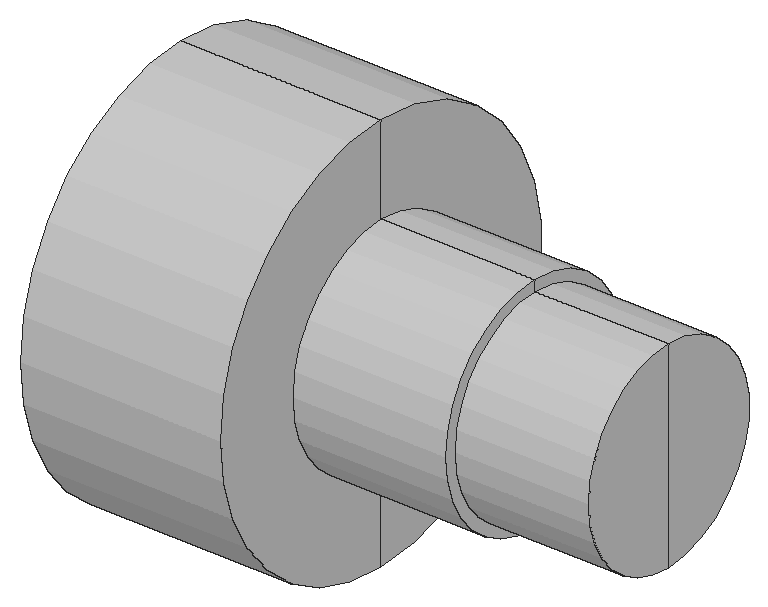
Revit family "6252 01_Heizkörperanschluß mit Konus", category Rohrformteile, Revit 2021
Family settings
  Bemaßung runder Anschluss = Durchmesser verwenden
  Teiletyp = Verbindung
  OmniClass-Nummer = 23.65.55.14
  OmniClass-Titel = Valves for Liquid Services
  Arbeitsebenenbasiert = Nein
  Immer vertikal = Ja
  Beim Laden mit Abzugskörper schneiden = Nein
  Gemeinsam genutzt = Nein
Parameters (values of type "M22x1.5 x R1/2")
  Vorgabe-Ansicht = 0 mm
  URL = "www.herz-armaturen.at"
  SCRNSEQ = "AWI;AWI_TYP=\"1001\";2"
  SCRNCODE = "07;01;02"  # constant formula
  S02 = 8 mm  # constant formula
  S01 = GT  # 8.5 mm
  Nennweite_AG = 15 mm  # constant formula
  Nennweite_IG = 20 mm  # constant formula
  Mutter = "Messing CW614N, vernickelt"  # constant formula
  Max. Betriebstemperatur = 110 °C  # constant formula
  Max. Betriebsdruck = 1000000.0 Pa  # constant formula
  Medium = "Heizungswasser nach ÖNORM H5195 oder VDI- Richtlinie 2035.\r\nDie Verwendung von Ethylen- oder Propyleneglykol in einem Mischungsverhältnis 25- 50% ist zulässig."
  GT = 8.5 mm  # constant formula
  L02 = 10 mm  # constant formula
  L01 = 15 mm  # constant formula
  L00 = 36.5 mm  # constant formula
  Hersteller = "HERZ Armaturen Ges.m.b.H."  # constant formula
  Dichtring = "PTFE"  # constant formula
  Bestellnummer = 1625201  # constant formula
  D03 = 7.5 mm  # constant formula
  D02 = 8.3 mm  # constant formula
  D01 = 11 mm  # constant formula
  D00 = 15 mm  # constant formula
  Ausführung = "Heizkörperanschluss mit PTFE Ring, Eisenrohranschluss mit freidrehender Überwurfmutter, Heizkörperanschluss R1/2 selbstdichtend."
  Anschlussstück = "Messing CW614N, vernickelt"  # constant formula
Reference planes
  plane 1 "Mitte (Vorne/hinten)": y = 0
  plane 2: z = 0
  plane 3 "Mitte (Links/rechts)": x = 0
Forms (mm)
  Revolve 1, solid, material "Messing, vernickelt", detail levels fine
    sketch origin (0, 0, 0) x (1, 0, 0) y (0, 0, 1)
      loop
        line (0, 11) -> (8.5, 11) -> (8.5, 0) -> (36.5, 0) -> (36.5, 7.5) -> (26.5, 7.5) -> (26.5, 8.3) -> (15, 8.3) -> (15, 15) -> (0, 15) -> (0, 11)
      axis (0, 0) -> (36.5, 0)
    angle from 0 to 360
Lines and regions (mm)
  model lines, detail levels coarse+medium
    curve 1: line (0, 0, 0) -> (36.5, 0, 0)
    curve 2: line (8.5, 0, 15) -> (8.5, 0, -15)
    curve 3: line (8.5, 0, -15) -> (16.5, 0, -15)
    curve 4: line (16.5, 0, -15) -> (8.5, 0, 0)
    curve 5: line (8.5, 0, 15) -> (16.5, 0, 15)
    curve 6: line (16.5, 0, 15) -> (8.5, 0, 0)
    curve 7: line (8.5, 15, 0) -> (8.5, -15, 0)
    curve 8: line (8.5, -15, 0) -> (16.5, -15, 0)
    curve 9: line (16.5, -15, 0) -> (8.5, 0, 0)
    curve 10: line (8.5, 15, 0) -> (16.5, 15, 0)
    curve 11: line (16.5, 15, 0) -> (8.5, 0, 0)
Dimensions and locks
  "L01": Revolve 1 sketch curve to plane 3 "Mitte (Links/rechts)"
  "L00": Revolve 1 sketch curve to plane 3 "Mitte (Links/rechts)"
  "D00": Revolve 1 sketch curve to plane 2
  "D01": Revolve 1 sketch curve to plane 2
  "D02": Revolve 1 sketch curve to plane 2
  "GT": Revolve 1 sketch curve to plane 3 "Mitte (Links/rechts)"
  "L00": curve 1 to curve 1
  "S01": curve 2 to plane 3 "Mitte (Links/rechts)"
  "S02": curve 2 to curve 6
  "S02": curve 2 to curve 4
  "S01": curve 1 to curve 7
  "S02": curve 7 to curve 11
  "S02": curve 7 to curve 9
  "D00": curve 8 to plane 1 "Mitte (Vorne/hinten)" to curve 10
  "D00": curve 5 to plane 2 to curve 3
  "D03": Revolve 1 sketch curve to plane 2
  "L02": Revolve 1 sketch curve to Revolve 1 sketch curve
  aligned and locked: level to plane 2
Automatic sketch dimensions
  curve 1 to level = 0 mm
  curve 1 to plane 3 "Mitte (Links/rechts)" = 0 mm
  curve 4 to level = 0 mm
  curve 6 to curve 4 = 0 mm
  plane 1 "Mitte (Vorne/hinten)" to curve 9 = 0 mm
  plane 1 "Mitte (Vorne/hinten)" to curve 11 = 0 mm
  Revolve 1 sketch curve to level = 0 mm  (x2)
  Revolve 1 sketch curve to plane 3 "Mitte (Links/rechts)" = 0 mm
  Revolve 1 sketch curve to plane 3 "Mitte (Links/rechts)" = 1506.53 mm
  Revolve 1 sketch curve to Revolve 1 sketch curve = 1792.148 mm
Connectors
  piping at (8.5, 0, 0), diameter 20, driven by "Nennweite_IG"
    settings: on Revolve 1, index 1, connector inside diameter 609.6 mm, connector length 0 mm, flow factor 0, pipe flow 0.0 L/s, pressure drop 0.0 Pa, fitting loss kfactor 0, connector angle 0.00°, fixture units 0, engagement length 0 mm, angle of deflection 0.00°, flow configuration 0, flow direction 0, fitting loss method 0, system type 29, joint type 0, gender type 0, connector reference index -1, connector utility 0, adjustable connector no, is connector primary yes, connector description ""
  piping at (36.5, 0, 0), diameter 15, driven by "Nennweite_AG"
    settings: on Revolve 1, index 2, connector inside diameter 609.6 mm, connector length 0 mm, flow factor 0, pipe flow 0.0 L/s, pressure drop 0.0 Pa, fitting loss kfactor 0, connector angle 0.00°, fixture units 0, engagement length 0 mm, angle of deflection 0.00°, flow configuration 0, flow direction 0, fitting loss method 0, system type 29, joint type 0, gender type 0, connector reference index -1, connector utility 0, adjustable connector no, is connector primary no, connector description ""
